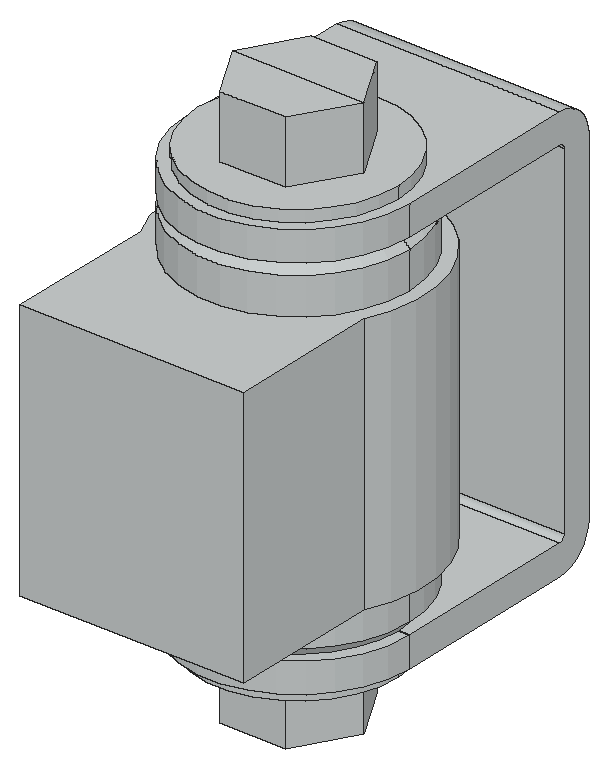
Revit family "Hinge_CI3400_Shut-It_DD-Technologies", category Specialty Equipment, Revit 2026
Family settings
  Round Connector Dimension = Use Diameter
  Part Type = Normal
  Work Plane-Based = Yes
  Enable Cutting in Views = No
  Always vertical = Yes
  Cut with Voids When Loaded = No
  Maintain Annotation Orientation = No
  Shared = No
  Room Calculation Point = No
Parameters (values of type "CI3400 - Shut-It® Aluminum BadAss™")
  Yoke Width = "1.5” (38mm)"
  Yoke Thickness = "0.2” (5mm)"
  Yoke Height = "2.8” (71mm)"
  Max. Opening Angle (Approx.) (Constrained to -90 - +90°) [instance] = if([Max. Opening Angle (Approx.) (Set In Range -90 - +90°)] < -90.00°, -90.00°, if([Max. Opening Angle (Approx.) (Set In Range -90 - +90°)] > 90.00°, 90.00°, [Max. Opening Angle (Approx.) (Set In Range -90 - +90°)]))  # 0.00°
  Product Name = "Shut-It® Aluminum BadAss™"
  Keynote = "32 31 00 Fence & Gates"
  Horizontal Gap Adjustment (Variance) = "2-3⁄8” –  2-7⁄8” (61-74mm)"
  URL = "https://ddtech.com/"
  Type = "Hinge"
  Hinge Total Height = "3.8” (97mm)"
  Gate Material = Aluminum
  Maximal Self-Closing Gate Weight*  (per pair of hinge) = "Non Self-Closing"
  Maximal Gate Weight*  (per pair of hinge) = "600 lb (270kg)"
  Load rating per gate*  (per pair of hinge) = "1,000 lb (450kg)"
  Copyright = "Copyright© D&D Technologies Pty Ltd, part of ASSA ABLOY"  # constant formula
  Max. Opening Angle (Approx.) (Set In Range -90 - +90°) [instance] = 0.00°
  Specification = "https://us.ddtech.com/products/shut-it-aluminum-badass"
  Product Webpage with product image = "https://us.ddtech.com/products/shut-it-aluminum-badass"
  Model = "CI3400"
  Manufacturer = "D&D Technologies"  # constant formula
  Body Width = "1.5” (38mm)"
  Description = "Aluminum hinge, weld-on, for flat post installation"
  Default Elevation = 0.00"
  Color/Finish = "Aluminum"
  Catalog Page = "https://us.ddtech.com/pages/digital-catalog"
  Hinge Material = Aluminum
  Body Height = "1.75” (44mm)"
  Assembly Code = "G2060.20 Fences and Gates"
  Adjustable Total Length = "2.4-2.9” (61-74mm)"
Reference planes (in)
  plane 1 "Center (Front/Back)": y = 0
  plane 2: z = 0
  plane 3 "Center (Left/Right)": x = 0
  plane 4: z = 1.4
  plane 5: z = -1.4
  plane 6: y = -1.5
  plane 7: x = -0.75
  plane 8: x = 0.75
  plane 9: x = 0.845
  plane 10: x = -0.845
  plane 11: z = 1.2
  plane 12: z = -1.2
  plane 13: y = -2.9
  plane 14: z = 1.47874
  plane 15: z = -1.47874
  plane 16: z = -1.49671
  plane 17: z = 0.875
  plane 18: y = -0.2
  plane 19: z = 1.50306
  plane 20: z = 1.9
  plane 21: z = -1.9
  plane 22: z = -0.875
  plane 23: y = -0.47698
  plane 24: z = 1.35315
Lines and regions (in)
  reference lines
    curve 1: line (0, -1.5, 0) -> (0, 13.5, 0)
Dimensions and locks (in)
  plane 6 to plane 1 "Center (Front/Back)" = 1.50"
  equal spacing: plane 4, plane 2, plane 5
  plane 4 to plane 5 = 2.80"
  equal spacing: plane 7, plane 3 "Center (Left/Right)", plane 8
  plane 7 to plane 8 = 1.50"
  locked: plane 4 to plane 11 at 0.2
  locked: plane 12 to plane 5 at 0.2
  plane 13 to plane 1 "Center (Front/Back)" = 2.90"
  locked: plane 14 to plane 4 at 0.07874
  locked: plane 5 to plane 15 at 0.07874
  equal spacing: plane 10, plane 3 "Center (Left/Right)", plane 9
  plane 10 to plane 9 = 1.69"
  locked: plane 15 to plane 16 at 0.01797
  locked: plane 1 "Center (Front/Back)" to plane 18 at 0.2
  locked: plane 14 to plane 19 at 0.02432
  equal spacing: plane 20, plane 2, plane 21
  plane 20 to plane 21 = 3.80"
  equal spacing: plane 22, level, plane 17
  plane 22 to plane 17 = 1.75"
  "Max. Opening Angle (Approx.) (Constrained to -90 - +90°)": angle curve 1 to plane 3 "Center (Left/Right)"
  aligned and locked: plane 2 to level
  aligned and locked: plane 3 "Center (Left/Right)" to curve 1
  aligned and locked: plane 6 to curve 1
  aligned and locked: nested 1 to plane 1 "Center (Front/Back)"
  aligned and locked: plane 3 "Center (Left/Right)" to nested 1
Nested families (in)
  nested 1: "Hinge_Shut-it_CI3400_DD-Technologies" at (0, 0, 0), Swing Angle (Approx.) <- "Max. Opening Angle (Approx.) (Constrained to -90 - +90°)", type "CI3400"
    with Swing Angle X1 0.00°, Swing Angle (Approx.) 0.00°
Definition of nested family "Hinge_Shut-it_CI3400_DD-Technologies"
  Parameters (values of type "CI3400")
    Yoke Width = 1.50"
    X1 = Bracket Thickness + 0.03937"  # 0.23937"
    URL = "https://au.ddtech.com/"
    Type = "Hinge"
    Total Width = 1.69"
    Total Height = 3.80"
    Total Length = 2.90"
    Swing Angle = "ƒ0°"
    Keynote = "08 71 00"
    Hinge Material = "Steel"
    Bracket Thickness = 0.20"
    Swing Angle X1 [instance] = if([Swing Angle (Approx.)] < -90.00°, -90.00°, if([Swing Angle (Approx.)] > 90.00°, 90.00°, [Swing Angle (Approx.)]))  # 0.00°
    Swing Angle (Approx.) [instance] = 0.00°
    Specification = "https://us.ddtech.com/products/shutit-original-badass"
    Importance of Order (aka Ranking) = "6"
    Product Page URL = "https://au.ddtech.com/collections/all"
    Product Webpage with product image = "https://us.ddtech.com/products/shutit-original-badass"
    Model = "Shut-It®"
    Manufacturer = "D&D Technologies"  # constant formula
    Gate Hook Height = 1.75"
    Description = "Original BadAss™"
    Default Elevation = 0.00"
    Copyright = "Copyright© D&D Technologies Pty Ltd, part of ASSA ABLOY"  # constant formula
    Colors = "Chrome. See catalog page + website"
    Bracket Width = Total Width - 0.10" - 0.10" + 0.01"  # 1.50"
    Bracket Height = 2.80"
    Bracket Depth = 1.50"
    Catalog Page = "https://www.arcat.com/company/d-d-technologies-usa-inc-40626/catalog"
    CODE (aka Part Number) = "CI3000"
    Body Finish = none
    Assembly Code = "B2030"
  Reference planes (in)
    plane 1 "Center (Front/Back)": y = 0
    plane 2: z = 0
    plane 3 "Center (Left/Right)": x = 0
    plane 4: z = 1.4
    plane 5: z = -1.4
    plane 6: y = -1.5
    plane 7: x = -0.75
    plane 8: x = 0.75
    plane 9: x = 0.845
    plane 10: x = -0.845
    plane 11: z = 1.79189
    plane 12: z = 1.2
    plane 13: z = -1.2
    plane 14: z = 0.875
    plane 15: z = -0.875
    plane 16: y = -2.9
    plane 17: z = 1.47874
    plane 18: z = -1.47874
    plane 19: z = -0.11811
    plane 20: z = -1.49671
    plane 21: z = -1.5748
    plane 22: z = -1.82031
    plane 23: z = -1.61016
    plane 24: z = 1.66848
    plane 25: z = 0.51
    plane 26: z = -0.78937
    plane 27: z = -0.03937
    plane 28: y = -0.2
    plane 29: z = 1.50306
    plane 30: z = 1.9
    plane 31: z = -1.9
    plane 32: y = 0
  Forms (in)
    Sweep 1, solid, material <- "Body Finish"
      path origin (-0.75, 9.47428, 48) x (0, 1, 0) y (0, 0, 1)
        loop
          line (-10.97428, -46.6) -> (-9.71365, -46.6)
          arc (-9.71365, -46.6) -> (-9.54439, -46.67011) -> (-9.47428, -46.83937) r 0.23937
          line (-9.47428, -46.83937) -> (-9.47428, -49.16063)
          arc (-9.47428, -49.16063) -> (-9.54439, -49.32989) -> (-9.71365, -49.4) r 0.23937
          line (-9.71365, -49.4) -> (-10.97428, -49.4)
      profile origin (-0.75, 0, 0) x (1, 0, 0) y (0, 1, 0)
        loop
          line (0, 0) -> (0, -0.2) -> (1.5, -0.2) -> (1.5, 0) -> (0, 0)
    Extrusion 2, solid, material <- "Body Finish"
      sketch origin (0, 0, 0) x (1, 0, 0) y (0, 1, 0)
        loop
          arc (-0.75, -1.5) -> (0, -2.25) -> (0.75, -1.5) r 0.75
          line (0.75, -1.5) -> (-0.75, -1.5)
      from 1.2 to 1.4
    Extrusion 3, solid, material <- "Body Finish"
      sketch origin (0, 0, 0) x (0, -1, 0) y (1, 0, 0)
        loop
          arc (1.5, -0.75) -> (2.25, 0) -> (1.5, 0.75) r 0.75
          line (1.5, 0.75) -> (1.5, -0.75)
      from -1.4 to -1.2
    Extrusion 4, void
      sketch origin (0, 0, 0) x (1, 0, 0) y (0, 1, 0)
        loop
          line (0.22025, -1.88149) -> (0.44247, -1.5) -> (0.22025, -1.11851) -> (-0.22025, -1.11851) -> (-0.44247, -1.5) -> (-0.22025, -1.88149) -> (0.22025, -1.88149)
        loop
          circle (0, -1.5) r 0.75
      from 1.47874 to 1.9
    Extrusion 5, void
      sketch origin (0, 0, 0) x (0, -1, 0) y (1, 0, 0)
        loop
          line (1.88149, 0.22025) -> (1.5, 0.44247) -> (1.11851, 0.22025) -> (1.11851, -0.22025) -> (1.5, -0.44247) -> (1.88149, -0.22025) -> (1.88149, 0.22025)
        loop
          circle (1.5, 0) r 0.74803
      from -1.52516 to -2.05
    Revolve 6, solid, material <- "Body Finish"
      sketch origin (-0.85644, -1.5, 48) x (-1, 0, 0) y (0, 0, 1)
        loop
          line (-0.85644, -46.1) -> (-0.85644, -46.6) -> (-0.18295, -46.6) -> (-0.18295, -46.52126) -> (-0.3798, -46.52126) -> (-0.3798, -46.1) -> (-0.85644, -46.1)
        loop
          line (-0.85644, -49.9) -> (-0.3798, -49.9) -> (-0.3798, -49.47874) -> (-0.18295, -49.47874) -> (-0.18295, -49.4) -> (-0.85644, -49.4) -> (-0.85644, -49.9)
        axis (-0.85644, -46.1) -> (-0.85644, -49.9)
      angle from 0 to 360
    Revolve 7, solid, material <- "Body Finish"
      sketch origin (-0.85644, -1.5, 48) x (-1, 0, 0) y (0, 0, 1)
        loop
          line (-0.85644, -47.125) -> (-0.85644, -46.8) -> (-1.52897, -46.8) -> (-1.60644, -46.87747) -> (-1.60644, -47.125) -> (-0.85644, -47.125)
        loop
          line (-0.85644, -49.2) -> (-0.85644, -48.875) -> (-1.60644, -48.875) -> (-1.60644, -49.12253) -> (-1.52897, -49.2) -> (-0.85644, -49.2)
        axis (-0.85644, -49.2) -> (-0.85644, -46.8)
      angle from 0 to 360
  Cuts and joins
    Extrusion 4, Extrusion 5 cuts Revolve 6
    joined: Sweep 1, Extrusion 2
  Lines and regions (in)
    reference lines
      curve 1: line (0, -1.5, 0) -> (0, -8.98031, 0)
  Dimensions and locks (in)
    "Bracket Depth": plane 6 to plane 1 "Center (Front/Back)"
    equal spacing: plane 4, plane 2, plane 5
    "Bracket Height": plane 4 to plane 5
    equal spacing: plane 7, plane 3 "Center (Left/Right)", plane 8
    "Bracket Width": plane 7 to plane 8
    "X1": plane 1 "Center (Front/Back)" to Sweep 1 sketch curve  (x2)
    "X1": Sweep 1 sketch curve to plane 4
    "X1": Sweep 1 sketch curve to plane 5
    "Bracket Thickness": Sweep 1 sketch curve to plane 1 "Center (Front/Back)"
    "Bracket Thickness": plane 4 to plane 12
    "Bracket Thickness": plane 13 to plane 5
    equal spacing: plane 14, plane 2, plane 15
    "Gate Hook Height": plane 14 to plane 15
    "Total Length": plane 16 to plane 1 "Center (Front/Back)"
    locked: plane 17 to plane 4 at 0.07874
    locked: plane 5 to plane 18 at 0.07874
    plane 19 to plane 11 = 1.91"
    locked: level to plane 19 at 0.11811
    locked: plane 18 to plane 20 at 0.01797
    plane 5 to plane 23 to plane 22 = 0.21016", 0.21016"
    plane 17 to plane 24 = 0.18974"
    locked: plane 2 to plane 27 at 0.03937
    plane 26 to plane 27 = 0.75"
    plane 25 to plane 2 = 0.51"
    "Bracket Thickness": plane 1 "Center (Front/Back)" to plane 28
    locked: plane 17 to plane 29 at 0.02432
    plane 3 "Center (Left/Right)" to Revolve 6 sketch curve to Revolve 6 sketch curve = 0.47664" locked, 0.19685" locked
    equal spacing: plane 30, plane 2, plane 31
    "Total Height": plane 30 to plane 31
    Extrusion 4 sketch curve to plane 3 "Center (Left/Right)" to Extrusion 4 sketch curve = 0.22025" locked, 0.22025" locked  (x2)
    Extrusion 4 sketch curve to plane 6 to Extrusion 4 sketch curve = 0.38149" locked, 0.38149" locked
    Extrusion 4 sketch curve to plane 3 "Center (Left/Right)" to Extrusion 4 sketch curve = 0.44247" locked, 0.44247" locked
    locked: plane 8 to plane 9 at 0.095
    locked: plane 10 to plane 7 at 0.095
    "Bracket Width": diameter of Extrusion 2 sketch curve
    "Bracket Width": diameter of Extrusion 4 sketch curve
    "Swing Angle X1": angle curve 1 to plane 3 "Center (Left/Right)"
    aligned and locked: plane 2 to level
    aligned and locked: plane 1 "Center (Front/Back)" to Sweep 1 sketch curve  (x2)
    aligned and locked: plane 6 to Sweep 1 sketch curve  (x2)
    aligned and locked: Sweep 1 sketch curve to plane 4
    aligned and locked: plane 5 to Sweep 1 sketch curve
    aligned and locked: Sweep 1 sketch curve to profile plane
    aligned and locked: Sweep 1 sketch curve to plane 8
    aligned and locked: Extrusion 2 sketch curve to plane 6
    aligned and locked: plane 3 "Center (Left/Right)" to Extrusion 2 sketch curve
    aligned and locked: plane 6 to Extrusion 2 sketch curve  (x2)
    aligned and locked: Extrusion 2 to plane 12
    aligned and locked: Extrusion 2 to plane 4
    aligned and locked: Extrusion 3 to plane 5
    aligned and locked: plane 13 to Extrusion 3
    aligned and locked: plane 6 to Extrusion 3 sketch curve  (x2)
    aligned and locked: Extrusion 3 sketch curve to plane 6
    aligned and locked: plane 3 "Center (Left/Right)" to Extrusion 3 sketch curve
    aligned and locked: plane 7 to Extrusion 3 sketch curve
    aligned and locked: plane 3 "Center (Left/Right)" to curve 1
    aligned and locked: plane 6 to curve 1
    aligned and locked: plane 3 "Center (Left/Right)" to Revolve 6 sketch curve  (x2)
    aligned and locked: plane 17 to Revolve 6 sketch curve
    aligned and locked: plane 18 to Revolve 6 sketch curve
    aligned and locked: Revolve 6 sketch curve to Revolve 6 sketch curve  (x2)
    aligned and locked: plane 30 to Extrusion 4
    aligned and locked: plane 30 to cut or joined group of Extrusion 4, Extrusion 5, Revolve 6
    aligned and locked: Revolve 6 sketch curve to plane 31
    aligned and locked: plane 4 to Revolve 6 sketch curve
    aligned and locked: Revolve 6 sketch curve to plane 5
    aligned and locked: Revolve 7 sketch curve to plane 12
    aligned and locked: plane 15 to Revolve 7 sketch curve
    aligned and locked: Revolve 7 sketch curve to plane 13
    aligned and locked: plane 8 to Revolve 7 sketch curve
    aligned and locked: Revolve 7 sketch curve to plane 8
    aligned and locked: plane 17 to Extrusion 4
    aligned and locked: plane 32 to plane 1 "Center (Front/Back)"
  Automatic sketch dimensions
    Extrusion 5 sketch curve to plane 6 = 0.00"  (x3)
    Extrusion 5 sketch curve to plane 3 "Center (Left/Right)" = 0.00"
    plane 6 to Extrusion 5 sketch curve = 0.38149"
    Extrusion 5 sketch curve to plane 6 = 0.38149"
    Extrusion 5 sketch curve to plane 3 "Center (Left/Right)" = 0.22025"  (x2)
    plane 7 to Extrusion 5 sketch curve = 0.30753"
    plane 3 "Center (Left/Right)" to Extrusion 5 sketch curve = 0.22025"  (x2)
    plane 8 to Extrusion 5 sketch curve = 0.30753"
    Revolve 6 sketch curve to plane 3 "Center (Left/Right)" = 0.00"
    Revolve 6 sketch curve to plane 30 = 0.00"
    Revolve 7 sketch curve to plane 3 "Center (Left/Right)" = 0.00"  (x3)
    plane 8 to Revolve 7 sketch curve = 0.07747"  (x2)
    plane 13 to Revolve 7 sketch curve = 0.07747"
    Revolve 7 sketch curve to plane 12 = 0.07747"
    Revolve 7 sketch curve to Revolve 7 sketch curve = 0.25"
    Revolve 7 sketch curve to plane 14 = 0.00"
    plane 30 to Revolve 6 sketch curve = 100.80882"
    plane 30 to Revolve 7 sketch curve = 1.34984"
    plane 31 to Revolve 6 sketch curve = 24.57031"
    Extrusion 4 sketch curve to plane 3 "Center (Left/Right)" = 0.00"
    Extrusion 4 sketch curve to plane 6 = 0.00"  (x3)
    radius of Extrusion 5 sketch curve = 0.74803"
  Nested families (in)
    nested 1: "Hook" at (0, 0, 0), type "Hook"
  Definition of nested family "Hook"
    Parameters (values of type "Hook")
      Width = 1.49606"
      Total Length = 2.91339"
      Height = 1.75"
      Dia = 1.69291"
      Default Elevation = 48.00"
      Clip Length = 1.49606"
      Body Finish = none
      3400 Ext 1 = yes
      3400 Ext = no
    Reference planes (in)
      plane 1 "Center (Front/Back)": y = 0
      plane 2: z = 0
      plane 3 "Center (Left/Right)": x = 0
      plane 4: x = -0.74803
      plane 5: x = 0.74803
      plane 6: y = -2.91339
      plane 7: y = -2.8039
      plane 8: x = -0.50219
      plane 9: x = 0.50219
      plane 10: y = -1.49606
      plane 11: z = 0.875
      plane 12: z = -0.875
    Forms (in)
      Extrusion 1, solid, material <- "Body Finish", visible <- "3400 Ext 1"
        sketch origin (0, 0, 0) x (1, 0, 0) y (0, 1, 0)
          loop
            arc (0.74803, -1.89222) -> (0, -0.64961) -> (-0.74803, -1.89222) r 0.84646
            line (-0.74803, -1.89222) -> (-0.74803, -2.91339) -> (-0.50219, -2.91339)
            arc (-0.50219, -2.91339) -> (0, -2.8039) -> (0.50219, -2.91339) r 1.20647
            line (0.50219, -2.91339) -> (0.74803, -2.91339) -> (0.74803, -1.89222)
        from -0.875 to 0.875
      Extrusion 2, solid, material <- "Body Finish", visible <- "3400 Ext"
        sketch origin (0, 0, 0) x (1, 0, 0) y (0, 1, 0)
          loop
            line (-0.74803, -1.89222) -> (-0.74803, -2.91339) -> (0.74803, -2.91339) -> (0.74803, -1.89222)
            arc (0.74803, -1.89222) -> (0, -0.64961) -> (-0.74803, -1.89222) r 0.84646
        from -0.875 to 0.875
    Dimensions and locks (in)
      "Width": plane 4 to plane 5
      locked: plane 4 to plane 8 at 0.24584
      locked: plane 9 to plane 5 at 0.24584
      locked: plane 6 to plane 7 at 0.10949
      equal spacing: plane 4, plane 3 "Center (Left/Right)", plane 5
      "Clip Length": plane 10 to plane 1 "Center (Front/Back)"
      "Total Length": plane 6 to plane 1 "Center (Front/Back)"
      equal spacing: plane 11, plane 2, plane 12
      "Height": plane 11 to plane 12
      "Dia": diameter of Extrusion 1 sketch curve
      "Dia": diameter of Extrusion 1
      "Dia": diameter of Extrusion 2 sketch curve
      aligned and locked: plane 2 to level
      aligned and locked: Extrusion 1 sketch curve to plane 4
      aligned and locked: plane 5 to Extrusion 1 sketch curve
      aligned and locked: Extrusion 1 sketch curve to plane 6
      aligned and locked: plane 6 to Extrusion 1 sketch curve  (x2)
      aligned and locked: plane 9 to Extrusion 1 sketch curve
      aligned and locked: plane 8 to Extrusion 1 sketch curve
      aligned and locked: plane 10 to Extrusion 1 sketch curve
      aligned and locked: plane 3 "Center (Left/Right)" to Extrusion 1 sketch curve
      aligned and locked: plane 11 to Extrusion 1
      aligned and locked: Extrusion 1 to plane 12
      aligned and locked: Extrusion 2 to plane 12
      aligned and locked: plane 11 to Extrusion 2
      aligned and locked: Extrusion 2 sketch curve to plane 4
      aligned and locked: Extrusion 2 sketch curve to plane 5
      aligned and locked: plane 6 to Extrusion 2 sketch curve
      aligned and locked: plane 5 to Extrusion 2 sketch curve
      aligned and locked: plane 3 "Center (Left/Right)" to Extrusion 2 sketch curve
      aligned and locked: plane 10 to Extrusion 2 sketch curve
    Automatic sketch dimensions
      plane 6 to Extrusion 1 sketch curve = 1.09698"
